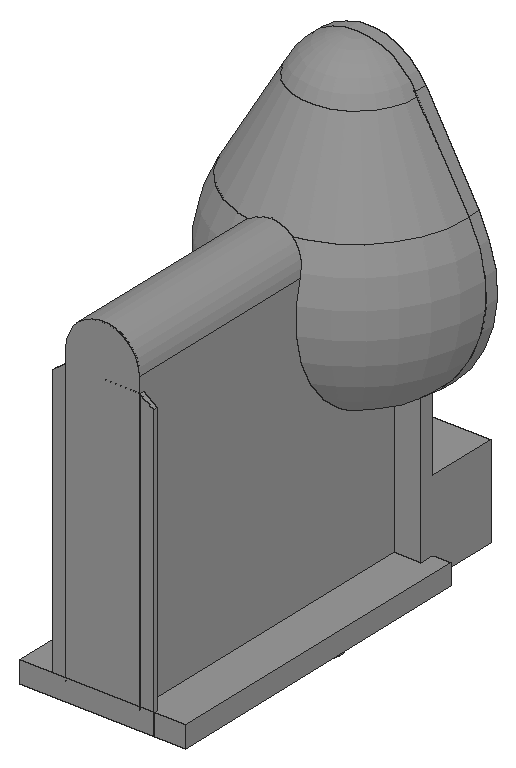
Revit family "Toilet-Willoughby-ETW-1490-FM-BS-HC-1.28", category Plumbing Fixtures, Revit 2015
Parameters (values of type "Standard")
  Waste DIA = 2 1/2"
  Waste Connection = yes
  Vent Connection = no
  URL = "https://www.willoughby-ind.com/wp-content/uploads/2018/01/ETW-1490-FM-HC.pdf"
  Type Comments = ""
  Revision = "A"
  Model = "ETW-1490-FM-BS-HC-1.28"
  Manufacturer = "Willoughby Industries"
  HW Connection = no
  Flush Inlet DIA = 1 1/2"
  Flush Inlet Connection = yes
  Fixture Body = Stainless Steel AISI 304-Willoughby
  Description = "Handicap Blowout Series Toilet, Back Spud, Handicap Seat Height, 1.28 GPF"
  Default Elevation = 0' - 0"
  Contact = "(800) 428-4065"
  CW Connection = no
Reference planes (in)
  plane 1 "Center (Front/Back)": y = 0
  plane 2: z = 0
  plane 3 "Center (Left/Right)": x = 0
  plane 4 "Seat HGT": y = 18
  plane 5 "Top": y = 19
  plane 6: y = 17.25
  plane 7: z = 18.5
  plane 8: z = 14.933
  plane 9: z = 15.30775
  plane 10: x = 7
  plane 11: z = 18.24525
  plane 12: z = 8
  plane 13: z = 10
  plane 14 "Waste HGT": y = 14.5
  plane 15 "Flush HGT": y = 19.75
  plane 16: z = 25.75
  plane 17: x = 4.5
  plane 18: x = -4.5
  plane 19: z = 1.125
  plane 20: z = -3
  plane 21: y = 22
  plane 22: x = 2
  plane 23: x = -2
  plane 24: x = 3.5
  plane 25: x = -3.5
Forms (in)
  Extrusion 1, solid, material "Stainless Steel AISI 304-Willoughby" <- "Fixture Body"
    sketch origin (0, 0, 0) x (1, 0, 0) y (0, 1, 0)
      loop
        line (-4.5, 0) -> (4.5, 0) -> (4.5, 18) -> (-4.5, 18) -> (-4.5, 0)
    from 0 to 1.125
  Revolve 2, solid, material "Stainless Steel AISI 304-Willoughby" <- "Fixture Body"
    sketch origin (-60, 17.25, 55.20755) x (-1, 0, 0) y (0, 0, 1)
      loop
        line (-60, -46.89981) -> (-60, -46.39981)
        arc (-60, -46.39981) -> (-65.42136, -42.59037) -> (-65.23755, -35.96698) r 7
        line (-65.23755, -35.96698) -> (-62.80388, -31.72393) -> (-62.74416, -31.59711)
        arc (-62.74416, -31.59711) -> (-61.61332, -30.35842) -> (-60, -29.89981) r 3.067
        line (-60, -29.89981) -> (-60, -29.39981)
        arc (-60, -29.39981) -> (-61.93389, -29.96955) -> (-63.25, -31.49678) r 3.567
        line (-63.25, -31.49678) -> (-66.0721, -36.41706)
        arc (-66.0721, -36.41706) -> (-66.0572, -43.40842) -> (-60, -46.89981) r 7
      axis (-60, -29.39981) -> (-60, -46.89981)
    angle from 0 to 180
  Extrusion 3, solid, material "Stainless Steel AISI 304-Willoughby" <- "Fixture Body"
    sketch origin (0, 0, 7.20755) x (1, 0, 0) y (0, 0, 1)
      loop
        line (-3.5, 1.93865) -> (-3.5, -6.08255) -> (3.5, -6.08255) -> (3.5, 1.93865)
        arc (3.5, 1.93865) -> (6.77318, 6.23534) -> (6.01269, 11.58294) r 6.99928
        line (6.01269, 11.58294) -> (3.14932, 16.69649)
        arc (3.14932, 16.69649) -> (-0.10896, 18.5408) -> (-3.25, 16.50322) r 3.60945
        line (-3.25, 16.50322) -> (-6.10166, 11.42924)
        arc (-6.10166, 11.42924) -> (-6.75024, 6.14955) -> (-3.5, 1.93865) r 6.99928
      loop
        arc (-4.17861, 9.875) -> (0, 3.42) -> (4.17861, 9.875) r 4.58
        line (4.17861, 9.875) -> (1.45817, 16.45616)
        arc (1.45817, 16.45616) -> (-0.05754, 17.35793) -> (-1.5058, 16.35139) r 1.629
        line (-1.5058, 16.35139) -> (-4.17861, 9.875)
    from -18 to -17.25
  Extrusion 4, solid, material "Stainless Steel AISI 304-Willoughby" <- "Fixture Body"
    sketch origin (0, 0, 7.20827) x (0, 1, 0) y (0, 0, 1)
      loop
        line (0, 10) -> (0, -6.20827) -> (17.25, -6.20827) -> (17.25, 1.50333)
        arc (17.25, 1.50333) -> (12.13093, 4.2568) -> (11.23533, 10) r 6.52933
        line (11.23533, 10) -> (0, 10)
    from 2 to -2
  Revolve 5, solid, material "Stainless Steel AISI 304-Willoughby" <- "Fixture Body"
    sketch origin (0, 19.75, -24) x (0, 0, -1) y (-1, 0, 0)
      loop
        line (-21, 0) -> (-21, 0.75) -> (-25, 0.75) -> (-25, 0) -> (-21, 0)
      axis (-25, 0) -> (-21, 0)
    angle from 0 to 360
  Revolve 6, solid, material "Stainless Steel AISI 304-Willoughby" <- "Fixture Body"
    sketch origin (0, 14.5, -24) x (0, 0, -1) y (-1, 0, 0)
      loop
        line (-25, 0) -> (-21, 0) -> (-21, 1.25) -> (-25, 1.25) -> (-25, 0)
      axis (-25, 0) -> (-21, 0)
    angle from 0 to 360
  Extrusion 7, solid, material "Stainless Steel AISI 304-Willoughby" <- "Fixture Body"
    sketch origin (0, 0, 0) x (1, 0, 0) y (0, 0, 1)
      loop
        line (3.5, 0) -> (3.5, 5) -> (-3.5, 5) -> (-3.5, 0) -> (3.5, 0)
    from -18 to -22
  Extrusion 8, solid, material "Stainless Steel AISI 304-Willoughby" <- "Fixture Body"
    sketch origin (0, 0, 0) x (1, 0, 0) y (0, 0, 1)
      loop
        line (2.75, 0) -> (2.75, 15.84404) -> (1.97095, 16.433) -> (-2.02655, 16.433) -> (-2.75, 15.88607) -> (-2.75, 0) -> (2.75, 0)
    from 0 to -0.25
  Extrusion 9, solid, material "Stainless Steel AISI 304-Willoughby" <- "Fixture Body"
    sketch origin (0, 0, 0) x (1, 0, 0) y (0, 0, 1)
      loop
        arc (2, 17.20827) -> (0, 19.20827) -> (-2, 17.20827) r 2
        line (-2, 17.20827) -> (2, 17.20827)
    from 0 to -11.45573
Cuts and joins
  joined: Extrusion 3, Extrusion 7
  joined: Extrusion 4, Extrusion 9
Lines and regions (in)
  symbolic lines
    curve 1: line (-6.99928, 17.25, 0) -> (-6.99928, 18, 0)
    curve 2: line (-6.99928, 18, 0) -> (6.99928, 18, 0)
    curve 3: line (6.99928, 18, 0) -> (6.99928, 17.25, 0)
    curve 4: arc (6.99928, 17.25, 0) -> (5.61199, 13.06699, 0) -> (2, 10.54198, 0) r 7.00004
    curve 5: arc (-2, 10.5, 0) -> (-5.61336, 13.05014, 0) -> (-6.99928, 17.25, 0) r 7.05654
    curve 6: line (4.5, 11.88868, 0) -> (4.5, 0, 0)
    curve 7: line (4.5, 0, 0) -> (-4.5, 0, 0)
    curve 8: line (-4.5, 0, 0) -> (-4.5, 11.8624, 0)
    curve 9: line (2, 10.54198, 0) -> (2, 0, 0)
    curve 10: line (-2, 0, 0) -> (-2, 10.5, 0)
    curve 11: line (-2.75, 0, 0) -> (-2.75, 0.25, 0)
    curve 12: line (-2.75, 0.25, 0) -> (-2, 0.25, 0)
    curve 13: line (2, 0.25, 0) -> (2.75, 0.25, 0)
    curve 14: line (2.75, 0.25, 0) -> (2.75, 0, 0)
    curve 15: line (-2, 10.5, 0) -> (-2, 10.86373, 0)
    curve 16: line (2, 10.54198, 0) -> (2, 10.86373, 0)
    curve 17: arc (2, 10.86373, 0) -> (1.72801, 11.13343, 0) -> (1.371, 11.27221, 0) r 0.93982
    curve 18: arc (-1.379, 11.27221, 0) -> (-1.72143, 11.11652, 0) -> (-2, 10.86373, 0) r 1.2176
    curve 19: arc (-1.379, 11.27221, 0) -> (-0.004, 11.42848, 0) -> (1.371, 11.27221, 0) r 6.12753
    curve 20: line (-3.5, 18, 0) -> (-3.5, 22, 0)
    curve 21: line (-3.5, 22, 0) -> (3.5, 22, 0)
    curve 22: line (3.5, 22, 0) -> (3.5, 18, 0)
    curve 23: line (-3.5, 0, 9.1462) -> (-3.5, 0, 1.125)
    curve 24: line (-3.5, 0, 1.125) -> (-4.5, 0, 1.125)
    curve 25: line (-4.5, 0, 1.125) -> (-4.5, 0, 0)
    curve 26: line (-4.5, 0, 0) -> (4.5, 0, 0)
    curve 27: line (4.5, 0, 0) -> (4.5, 0, 1.125)
    curve 28: line (4.5, 0, 1.125) -> (3.5, 0, 1.125)
    curve 29: line (3.5, 0, 1.125) -> (3.5, 0, 9.1462)
    curve 30: arc (3.5, 0, 9.1462) -> (6.7665, 0, 13.44017) -> (6.0721, 0, 18.7905) r 7.10069
    curve 31: line (6.0721, 0, 18.7905) -> (3.13372, 0, 23.93162)
    curve 32: arc (3.13372, 0, 23.93162) -> (1.81244, 0, 25.27988) -> (0, 0, 25.80775) r 3.72684
    curve 33: arc (0, 0, 25.80775) -> (-1.94954, 0, 25.26225) -> (-3.25, 0, 23.71078) r 3.42319
    curve 34: line (-3.25, 0, 23.71078) -> (-6.10166, 0, 18.63679)
    curve 35: arc (-6.10166, 0, 18.63679) -> (-6.75024, 0, 13.3571) -> (-3.5, 0, 9.1462) r 6.99928
    curve 36: line (3.5, 0, 5.1356) -> (-3.5, 0, 5.1356)
    curve 42: line (0, 11.45573, 19.20827) -> (0, 0, 19.20827)
    curve 43: line (0, 0, 19.20827) -> (0, 0, 0)
    curve 44: line (0, 0, 0) -> (0, 22, 0)
    curve 45: line (0, 22, 0) -> (0, 22, 5)
    curve 46: line (0, 22, 5) -> (0, 18, 5)
    curve 47: line (0, 18, 5) -> (0, 18, 25.75)
    curve 48: line (0, 18, 25.75) -> (0, 17.25, 25.75)
    curve 49: arc (0, 17.25, 25.75) -> (0, 15.33161, 25.19798) -> (0, 14, 23.71078) r 3.60945
    curve 50: line (0, 14, 23.71078) -> (0, 11.45573, 19.20827)
    curve 51: arc (0, 11.45573, 19.20827) -> (0, 11.05124, 18.02388) -> (0, 10.76664, 16.80512) r 12.55881
    curve 52: arc (0, 10.76664, 16.80512) -> (0, 12.00498, 11.12851) -> (0, 17.25, 8.62908) r 6.60162
    curve 53: line (0, 18, 9.1462) -> (0, 17.25, 9.1462)
    curve 54: line (0, 17.25, 9.1462) -> (0, 17.25, 1.125)
    curve 55: line (0, 17.25, 1.125) -> (0, 0, 1.125)
  symbolic lines, detail levels fine
    curve 37: arc (4.23214, 0, 16.95838) -> (-0.06761, 0, 10.62805) -> (-4.17861, 0, 17.08255) r 4.58
    curve 38: line (-4.17861, 0, 17.08255) -> (-1.5058, 0, 23.55895)
    curve 39: line (1.45817, 0, 23.66371) -> (4.23214, 0, 16.95838)
    curve 40: arc (1.45817, 0, 23.66371) -> (0.87472, 0, 24.35033) -> (0, 0, 24.5665) r 1.46726
    curve 41: arc (0, 0, 24.5665) -> (-0.9059, 0, 24.29138) -> (-1.5058, 0, 23.55895) r 1.629
Dimensions and locks (in)
  plane 7 to level = 1' - 6 1/2"
  plane 5 "Top" to plane 1 "Center (Front/Back)" = 1' - 7"
  plane 4 "Seat HGT" to plane 1 "Center (Front/Back)" = 1' - 6"
  plane 14 "Waste HGT" to plane 1 "Center (Front/Back)" = 1' - 2 1/2"
  plane 1 "Center (Front/Back)" to plane 14 "Waste HGT" = 1' - 2 1/2"
  plane 1 "Center (Front/Back)" to plane 15 "Flush HGT" = 1' - 7 3/4"
  plane 6 to plane 1 "Center (Front/Back)" = 1' - 5 1/4"
  level to plane 16 = 2' - 1 3/4"
  plane 18 to plane 17 = 0' - 9"
  plane 1 "Center (Front/Back)" to plane 4 "Seat HGT" = 1' - 6"
  cut or joined group of Extrusion 3, Extrusion 7 to plane 1 "Center (Front/Back)" = 1' - 10"
  plane 1 "Center (Front/Back)" to plane 21 = 1' - 10"
  plane 18 to plane 3 "Center (Left/Right)" = 0' - 4 1/2"
  plane 21 to plane 1 "Center (Front/Back)" = 1' - 10"
  plane 23 to plane 22 = 0' - 4"
  aligned and locked: plane 17 to Extrusion 1
  aligned and locked: Extrusion 1 to plane 18
  aligned and locked: Extrusion 7 to Extrusion 3
  aligned and locked: Extrusion 7 to level
  aligned and locked: Extrusion 3 to Extrusion 7
  aligned and locked: Extrusion 7 to plane 25
  aligned and locked: Extrusion 3 to plane 25
  aligned and locked: plane 24 to Extrusion 3
Connectors (in)
  piping at (0, 14.5, -3), diameter 2.5, driven by "Waste Connection", driven by "Waste DIA"
    settings: on Revolve 6, index 1, connector inside diameter 24", connector length 0' - 0", flow factor 0, pipe flow 1.28 GPM, pressure drop 0.00 psi, fitting loss kfactor 0, connector angle 0.00°, fixture units 0, engagement length 0' - 0", angle of deflection 0.00°, flow configuration 0, flow direction 2, fitting loss method 0, system type 16, joint type 0, gender type 0, connector reference index -1, connector utility 1, adjustable connector no, is connector primary yes, connector description "Toilet Waste"
  piping at (0, 19.75, -3), diameter 1.5, driven by "Flush Inlet Connection", driven by "Flush Inlet DIA"
    settings: on Revolve 5, index 2, connector inside diameter 24", connector length 0' - 0", flow factor 0, pipe flow 0 GPM, pressure drop 0.00 psi, fitting loss kfactor 0, connector angle 0.00°, fixture units 0, engagement length 0' - 0", angle of deflection 0.00°, flow configuration 0, flow direction 1, fitting loss method 0, system type 20, joint type 0, gender type 0, connector reference index -1, connector utility 1, adjustable connector no, is connector primary no, connector description "Flush Inlet"
